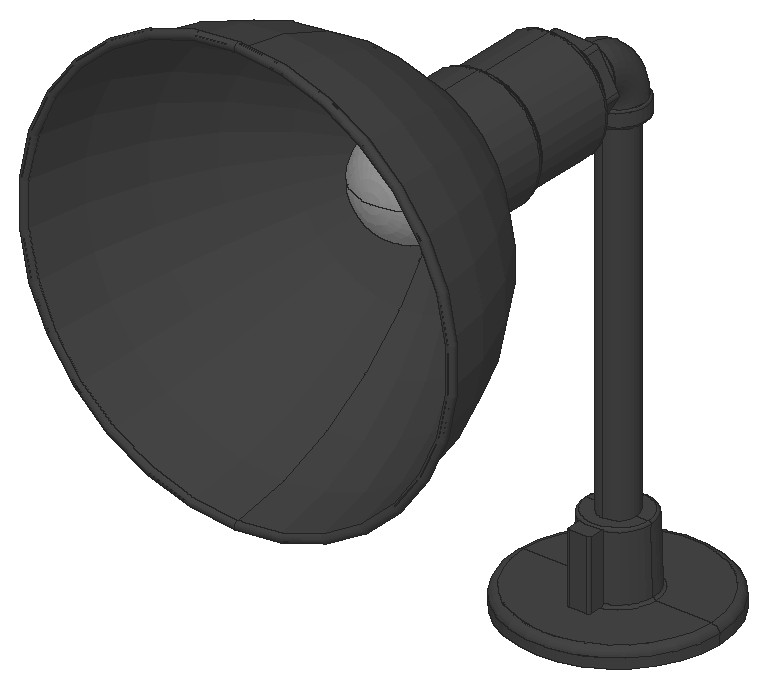
Revit family "BLE-G-DBW-G16-E26", category Lighting Fixtures, host Face, Revit 2022
Family settings
  Host = Face
  Round Connector Dimension = Use Diameter
  Part Type = Normal
  Cut with Voids When Loaded = No
  Light Source = Yes
  Maintain Annotation Orientation = No
  Shared = No
  Room Calculation Point = No
Parameters (values of type "10"")
  Wattage = 5.72229 W
  built-in parameter 1150110 = 1 (stored number, unit not read)
  built-in parameter 1114217 = 1 (stored number, unit not read)
  Tilt Angle = 0.00°
  built-in parameter 1150109 = 1 (stored number, unit not read)
  built-in parameter 1150134 = (empty or 0)
  built-in parameter 1150113 = 1 (stored number, unit not read)
  Gooseneck Material = 100 - Black
  Shade Material = 100 - Black
  Photometric Web File = "generic"
  built-in parameter 1150142 = (empty or 0)
  built-in parameter 1150105 = 67.641 (stored number, unit not read)
  Lumens = 850 lm
  built-in parameter 1150115 = 1 (stored number, unit not read)
  built-in parameter 1150137 = (empty or 0)
  built-in parameter 1150139 = (empty or 0)
  built-in parameter 1150112 = 1 (stored number, unit not read)
  built-in parameter 1150114 = 1 (stored number, unit not read)
  built-in parameter 1150132 = 2
  built-in parameter 1150102 = (empty or 0)
  built-in parameter 1150107 = 3000 (stored number, unit not read)
  built-in parameter 1150138 = (empty or 0)
  built-in parameter 1150106 = 0.67641 (stored number, unit not read)
  built-in parameter 1150104 = 13.8 (stored number, unit not read)
  20" = no
  Dimming Lamp Color Temperature Shift = <None>
  Default Elevation = 4' - 0"
  Color Filter = 16777215
  Base Material = 100 - Black
  built-in parameter 1114218 = 1 (stored number, unit not read)
  built-in parameter 1150133 = 10 (stored number, unit not read)
  16" = no
  14" = no
  12" = no
  10" = yes
Types (6): name | 20" | 16" | 14" | 12" | 10"
  (no name) | no | no | no | no | yes
  12" | no | no | no | yes | no
  14" | no | no | yes | no | no
  16" | no | yes | no | no | no
  10" | no | no | no | no | yes
  20" | yes | no | no | no | no
Reference planes (in)
  plane 1 "Center (Front/Back)": y = 0
  plane 2: z = 0
  plane 3 "Center (Left/Right)": x = 0
Lines and regions (in)
  reference lines
    curve 1: line (0, 32, 0) -> (0, -36, 0)
    curve 2: line (-33.11947, 0, 0) -> (37.88053, 0, 0)
Dimensions and locks (in)
  locked: plane 1 "Center (Front/Back)" to imposter light at 6.5
  aligned and locked: plane 2 to host face
  aligned and locked: level to host face
  aligned and locked: plane 3 "Center (Left/Right)" to nested 1
  aligned and locked: plane 1 "Center (Front/Back)" to nested 1
  aligned and locked: nested 4 to imposter light
  aligned and locked: imposter light to nested 6  (x2)
  aligned and locked: nested 7 to nested 3
  aligned and locked: imposter light to plane 3 "Center (Left/Right)"
  aligned and locked: plane 1 "Center (Front/Back)" to nested 2
  aligned and locked: imposter light to nested 3  (x2)
  aligned and locked: imposter light to nested 7
  aligned and locked: nested 5 to imposter light
  aligned and locked: imposter light to nested 5
Nested families (in)
  nested 1: "WBP-7501" at (0, 0, 0), type "WBP-7501"
  nested 2: "G16" at (0, 0, 1.975), type "GNK-5011"
  nested 3: "DBW Shade" at (0, -1.85818, 11.314) x (0, 0, -1) z (0, -1, 0), type "DBW Shade"
    with 24" no, 20" no, 16" no, 14" no, 12" no
  nested 4: "103264" at (0, -3.60156, 11.314) x (0, 0, -1) z (0, -1, 0), type "103264"
    with Heat Sink 9" no
  nested 5: "CPL-0004" at (0, -1.208, 11.314) x (1, 0, 0) z (0, -1, 0), type "CPL-0004"
  nested 6: "E26 Socket Assy" at (0, -1.89724, 11.314) x (0, 0, -1) z (0, -1, 0), type "E26 Socket Assy"
  nested 7: "E26 Bulb" at (0, -4.15223, 11.314) x (1, 0, 0) z (0, -1, 0), type "E26 Bulb"
Connectors (in)
  electrical at (0, 0, 0)
    settings: index 1, voltage 0 V, apparent load 0 VA, apparent load phase1 0 VA, apparent load phase2 0 VA, apparent load phase3 0 VA, power factor 1, load classification "Other", number of poles 1, system type 31, power factor state 1, is connector primary yes, connector utility no, sub classification motor no, connector description ""
Definition of nested family "WBP-7501"
  Parameters (values of type "WBP-7501")
    Default Elevation = 3' - 0"
    Base Material = none
  Reference planes (in)
    plane 1 "Center (Front/Back)": y = 0
    plane 2: z = 0
    plane 3 "Center (Left/Right)": x = 0
    plane 4 "Base Dia": x = -2.325
    plane 5 "Base Height": z = 0.4
    plane 6 "Fillet Radius": z = 0.225
    plane 7: z = 0.458
    plane 8: x = -0.87
    plane 9: x = -0.81
    plane 10: x = -0.76
    plane 11: z = 1.917
    plane 12: z = 1.975
    plane 13: x = -0.7
    plane 14: x = -0.2595
    plane 15: x = 0.2595
    plane 16: y = -1.135
  Forms (in)
    Extrusion 1, solid
      sketch origin (0, 0, 0) x (1, 0, 0) y (0, 1, 0)
        loop
          line (-48, 48) -> (-48, -48) -> (48, -48) -> (48, 48) -> (-48, 48)
      from 0 to -12
    Revolve 2, solid, material <- "Base Material"
      sketch origin (0, 0, 0) x (1, 0, 0) y (0, 0, 1)
        loop
          line (0, 0) -> (0, 1.975) -> (-0.7, 1.975)
          arc (-0.7, 1.975) -> (-0.74172, 1.95814) -> (-0.76, 1.91702) r 0.06003
          line (-0.76, 1.91702) -> (-0.81, 0.458)
          arc (-0.81, 0.458) -> (-0.82699, 0.41699) -> (-0.868, 0.4) r 0.058
          line (-0.868, 0.4) -> (-2.15, 0.4)
          arc (-2.15, 0.4) -> (-2.27374, 0.34874) -> (-2.325, 0.225) r 0.175
          line (-2.325, 0.225) -> (-2.325, 0) -> (0, 0)
        axis (0, 0) -> (0, 1.975)
      angle from 0 to 360
    Extrusion 3, solid, material <- "Base Material"
      sketch origin (0, 0, 0) x (1, 0, 0) y (0, 1, 0)
        loop
          line (-0.2595, -0.76731) -> (-0.2595, -1.075)
          arc (-0.2595, -1.075) -> (-0.24193, -1.11743) -> (-0.1995, -1.135) r 0.06
          line (-0.1995, -1.135) -> (0.1995, -1.135)
          arc (0.1995, -1.135) -> (0.24193, -1.11743) -> (0.2595, -1.075) r 0.06
          line (0.2595, -1.075) -> (0.2595, -0.76731)
          arc (0.2595, -0.76731) -> (0, -0.81) -> (-0.2595, -0.76731) r 0.81
      from 0 to 1.975
  Cuts and joins
    joined: Revolve 2, Extrusion 3
  Dimensions and locks (in)
    plane 4 "Base Dia" to plane 3 "Center (Left/Right)" = 0' - 2.325"
    locked: plane 5 "Base Height" to Extrusion 1 at 0.4
    locked: plane 3 "Center (Left/Right)" to plane 4 "Base Dia" at 2.325
    locked: plane 5 "Base Height" to plane 6 "Fillet Radius" at 0.175
    locked: plane 3 "Center (Left/Right)" to plane 9 at 0.81
    locked: plane 3 "Center (Left/Right)" to plane 8 at 0.87
    locked: plane 3 "Center (Left/Right)" to plane 10 at 0.76
    locked: plane 3 "Center (Left/Right)" to plane 13 at 0.7
    locked: plane 11 to plane 5 "Base Height" at 1.517
    locked: plane 12 to plane 5 "Base Height" at 1.575
    locked: plane 7 to plane 5 "Base Height" at 0.058
    locked: plane 14 to plane 3 "Center (Left/Right)" at 0.2595
    locked: plane 3 "Center (Left/Right)" to plane 15 at 0.2595
    locked: plane 16 to plane 1 "Center (Front/Back)" at 1.135
    radius of Revolve 2 sketch curve = 0' - 0.175"
    aligned and locked: plane 2 to Extrusion 1
    aligned and locked: level to Extrusion 1
    aligned and locked: Revolve 2 sketch curve to plane 5 "Base Height"
    aligned and locked: plane 9 to Revolve 2 sketch curve
    aligned and locked: plane 3 "Center (Left/Right)" to Revolve 2 sketch curve
    aligned and locked: plane 15 to Extrusion 3 sketch curve
    aligned and locked: Extrusion 3 sketch curve to plane 16
    aligned and locked: Extrusion 3 sketch curve to plane 14
  Automatic sketch dimensions
    Extrusion 1 sketch curve to Extrusion 1 sketch curve = 8' - 0"  (x2)
    Revolve 2 sketch curve to level = 0' - 0"
    Revolve 2 sketch curve to plane 4 "Base Dia" = 0' - 0"
    Revolve 2 sketch curve to plane 7 = 0' - 0"  (x2)
    plane 10 to Revolve 2 sketch curve = 0' - 0"
    Revolve 2 sketch curve to plane 12 = 0' - 0"
    Revolve 2 sketch curve to plane 13 = 0' - 0"
    Revolve 2 sketch curve to plane 3 "Center (Left/Right)" = 0' - 0"
    Revolve 2 sketch curve to Revolve 2 sketch curve = 0' - 0.22742"
    Revolve 2 sketch curve to Revolve 2 sketch curve = 0' - 1.76377"
    plane 1 "Center (Front/Back)" to Extrusion 3 sketch curve = 0' - 0"
    Extrusion 3 sketch curve to plane 3 "Center (Left/Right)" = 0' - 0"
    plane 14 to Extrusion 3 sketch curve = 0' - 0.06"
    Extrusion 3 sketch curve to plane 15 = 0' - 0.06"
    Extrusion 3 sketch curve to Extrusion 3 sketch curve = 0' - 0.30769"
Definition of nested family "G16"
  Parameters (values of type "G16")
    Gooseneck Material = none
    Default Elevation = 2' - 0"
  Reference planes (in)
    plane 1 "Center (Front/Back)": y = 0
    plane 2: z = 0
    plane 3 "Center (Left/Right)": x = 0
    plane 4 "Wood Height": z = 0
  Forms (in)
    Extrusion 1, solid
      sketch origin (0, 0, 0) x (1, 0, 0) y (0, 1, 0)
        loop
          line (-48, 48) -> (-48, -48) -> (48, -48) -> (48, 48) -> (-48, 48)
      from 0 to -12
  Dimensions and locks (in)
    aligned and locked: plane 2 to Extrusion 1
    aligned and locked: level to Extrusion 1
    aligned and locked: Extrusion 1 to plane 4 "Wood Height"
    aligned and locked: plane 3 "Center (Left/Right)" to nested 1
    aligned and locked: plane 1 "Center (Front/Back)" to nested 1
    aligned and locked: plane 3 "Center (Left/Right)" to nested 2
    aligned and locked: plane 1 "Center (Front/Back)" to nested 2
  Nested families (in)
    nested 1: "GNK-5016" at (0, 0, 0), type "GNK-5016"
    nested 2: "APF-500X" at (0, 0, 8.12624) x (-1, 0, 0) z (0, 0, 1), type "APF-500X"
  Definition of nested family "GNK-5016"
    Parameters (values of type "GNK-5016")
      Gooseneck Material = none
      Default Elevation = 2' - 0"
    Reference planes (in)
      plane 1 "Center (Front/Back)": y = 0
      plane 2: z = 0
      plane 3 "Center (Left/Right)": x = 0
      plane 4 "Wood Height": z = 0
    Forms (in)
      Extrusion 1, solid
        sketch origin (0, 0, 0) x (1, 0, 0) y (0, 1, 0)
          loop
            line (-48, 48) -> (-48, -48) -> (48, -48) -> (48, 48) -> (-48, 48)
        from 0 to -12
      Sweep 2, solid, material <- "Gooseneck Material"
        path origin (0, 0, 0) x (0, 1, 0) y (0, 0, 1)
          loop
            line (0, -0.0015) -> (0, 8.12624)
        profile origin (0, 0, 4.06237) x (0, -1, 0) y (1, 0, 0)
          loop
            circle (0, 0) r 0.42
    Dimensions and locks (in)
      aligned and locked: plane 2 to Extrusion 1
      aligned and locked: level to Extrusion 1
      aligned and locked: Extrusion 1 to plane 4 "Wood Height"
  Definition of nested family "APF-500X"
    Parameters (values of type "APF-500X")
      Gooseneck Material = none
      Default Elevation = 2' - 0"
    Reference planes (in)
      plane 1 "Center (Front/Back)": y = 0
      plane 2: z = 0
      plane 3 "Center (Left/Right)": x = 0
      plane 4: z = 0.375
      plane 5: y = 0.625
      plane 6: y = 0.833
      plane 7: y = 1.208
      plane 8: z = 1.208
      plane 9: z = 0.583
      plane 10: y = 0.5625
    Forms (in)
      Extrusion 1, solid
        sketch origin (0, 0, 0) x (1, 0, 0) y (0, 1, 0)
          loop
            line (-48, 48) -> (-48, -48) -> (48, -48) -> (48, 48) -> (-48, 48)
        from 0 to -12
      Revolve 2, solid, material <- "Gooseneck Material"
        sketch origin (0, 0, 0) x (0, 1, 0) y (0, 0, 1)
          loop
            line (0, 0.375) -> (0, 0) -> (0.585, 0)
            arc (0.585, 0) -> (0.61328, 0.01172) -> (0.625, 0.04) r 0.04
            line (0.625, 0.04) -> (0.625, 0.335)
            arc (0.625, 0.335) -> (0.61328, 0.36328) -> (0.585, 0.375) r 0.04
            line (0.585, 0.375) -> (0, 0.375)
          axis (0, 0.375) -> (0, 0)
        angle from 0 to 360
      Revolve 3, solid, material <- "Gooseneck Material"
        sketch origin (0, 0, 0) x (0, 1, 0) y (0, 0, 1)
          loop
            line (0.833, 1.208) -> (0.833, 0.623)
            arc (0.833, 0.623) -> (0.84472, 0.59472) -> (0.873, 0.583) r 0.04
            line (0.873, 0.583) -> (1.168, 0.583)
            arc (1.168, 0.583) -> (1.19628, 0.59472) -> (1.208, 0.623) r 0.04
            line (1.208, 0.623) -> (1.208, 1.208) -> (0.833, 1.208)
          axis (1.208, 1.208) -> (0.833, 1.208)
        angle from 0 to 360
      Sweep 4, solid, material <- "Gooseneck Material"
        path origin (0, 0, 0) x (0, 1, 0) y (0, 0, 1)
          loop
            line (0, 0) -> (0, 0.375)
            arc (0, 0.375) -> (0.24398, 0.96402) -> (0.833, 1.208) r 0.833
            line (0.833, 1.208) -> (1.208, 1.208)
        profile origin (0, 0, 0.1875) x (0, -1, 0) y (1, 0, 0)
          loop
            circle (0, 0) r 0.5625
    Cuts and joins
      joined: Revolve 2, Revolve 3, Sweep 4
    Dimensions and locks (in)
      plane 5 to plane 1 "Center (Front/Back)" = 0' - 0 5/8"
      plane 4 to Extrusion 1 = 0' - 0 3/8"
      locked: plane 7 to plane 6 at 0.375
      locked: plane 6 to plane 1 "Center (Front/Back)" at 0.833
      plane 8 to plane 4 = 0' - 0.833"
      locked: plane 8 to plane 9 at 0.625
      locked: plane 10 to plane 1 "Center (Front/Back)" at 0.5625
      radius of Revolve 3 sketch curve = 0' - 0.04"
      aligned and locked: plane 2 to Extrusion 1
      aligned and locked: level to Extrusion 1
      aligned and locked: plane 1 "Center (Front/Back)" to Revolve 2 sketch curve
      aligned and locked: plane 8 to Revolve 3 sketch curve
    Automatic sketch dimensions
      Extrusion 1 sketch curve to Extrusion 1 sketch curve = 8' - 0"  (x2)
      Revolve 2 sketch curve to plane 1 "Center (Front/Back)" = 0' - 0"
      Revolve 2 sketch curve to level = 0' - 0"
      Revolve 2 sketch curve to plane 4 = 0' - 0"
      Revolve 2 sketch curve to plane 5 = 0' - 0"
      plane 5 to Revolve 2 sketch curve = 0' - 0.04"
      Revolve 2 sketch curve to Revolve 2 sketch curve = 0' - 0.04"
      Revolve 2 sketch curve to level = 0' - 0.2686"
      plane 4 to Revolve 2 sketch curve = 0' - 0 1/4"
      Revolve 3 sketch curve to plane 5 = 0' - 0"
      Revolve 3 sketch curve to plane 6 = 0' - 0"
      Revolve 3 sketch curve to plane 9 = 0' - 0"
      Revolve 3 sketch curve to plane 7 = 0' - 0"
      Revolve 3 sketch curve to plane 8 = 0' - 0"
      plane 7 to Revolve 3 sketch curve = 0' - 0.04"
      Revolve 3 sketch curve to Revolve 3 sketch curve = 0' - 0.18003"
      Sweep 4 sketch curve to plane 6 = 0' - 0"
      Sweep 4 sketch curve to plane 7 = 0' - 0"
      Sweep 4 sketch curve to level = 0' - 0"
      Sweep 4 sketch curve to plane 4 = 0' - 0"
      Sweep 4 sketch curve to plane 8 = 0' - 0"
      Sweep 4 sketch curve to plane 3 "Center (Left/Right)" = 0' - 0"
      Sweep 4 sketch curve to profile plane = 0' - 0"
      radius of Sweep 4 sketch curve = 0' - 0 9/16"
Definition of nested family "DBW Shade"
  Parameters (values of type "DBW Shade")
    Shade Material = none
    Default Elevation = 2' - 0"
    24" = yes
    20" = yes
    10" = yes
    16" = yes
    14" = yes
    12" = yes
  Reference planes (in)
    plane 1 "Center (Front/Back)": y = 0
    plane 2: z = 0
    plane 3 "Center (Left/Right)": x = 0
  Forms (in)
    Extrusion 1, solid
      sketch origin (0, 0, 0) x (1, 0, 0) y (0, 1, 0)
        loop
          line (-48, 48) -> (-48, -48) -> (48, -48) -> (48, 48) -> (-48, 48)
      from 0 to -12
  Dimensions and locks (in)
    aligned and locked: plane 2 to Extrusion 1
    aligned and locked: level to Extrusion 1
    aligned and locked: plane 1 "Center (Front/Back)" to nested 1
    aligned and locked: plane 3 "Center (Left/Right)" to nested 1
    aligned and locked: plane 3 "Center (Left/Right)" to nested 2
    aligned and locked: plane 1 "Center (Front/Back)" to nested 2
    aligned and locked: plane 1 "Center (Front/Back)" to nested 3
    aligned and locked: plane 3 "Center (Left/Right)" to nested 3
    aligned and locked: plane 1 "Center (Front/Back)" to nested 4
    aligned and locked: plane 1 "Center (Front/Back)" to nested 5
    aligned and locked: plane 3 "Center (Left/Right)" to nested 5
    aligned and locked: plane 3 "Center (Left/Right)" to nested 6
    aligned and locked: plane 1 "Center (Front/Back)" to nested 6
    aligned and locked: plane 3 "Center (Left/Right)" to nested 4
  Nested families (in)
    nested 1: "SHD-0028" at (0, 0, 0), visible <- "10"", type "SHD-0028"
    nested 2: "SHD-0029" at (0, 0, 0), visible <- "12"", type "SHD-0029"
    nested 3: "SHD-0114" at (0, 0, 0), visible <- "14"", type "SHD-0114"
    nested 4: "SHD-0115" at (0, 0, 0), visible <- "16"", type "SHD-0115"
    nested 5: "SHD-0308" at (0, 0, 0), visible <- "24"", type "SHD-0308"
    nested 6: "SHD-0223" at (0, 0, 0), visible <- "20"", type "SHD-0223"
  Definition of nested family "SHD-0028"
    Parameters (values of type "SHD-0028")
      Shade Material = none
      Default Elevation = 2' - 0"
    Reference planes (in)
      plane 1 "Center (Front/Back)": y = 0
      plane 2: z = 0
      plane 3 "Center (Left/Right)": x = 0
      plane 4 "Wood Height": z = 0
      plane 5 "Nut Radius": x = -1.03713
      plane 6 "Nut Flat": x = -0.861
      plane 7 "Shade Thickness": z = 0.04
      plane 8 "Lower Shade bottom": z = 9.109
      plane 9 "Lower Shade Outer Dia": x = -5
      plane 10 "Shade Top Dia": x = -1.20713
      plane 11 "Shade Middle Radius Height1": z = 1.965
      plane 12 "Shade Lower Diameter1": x = -1.44113
      plane 13 "Shade Top Radius": x = -1.29713
      plane 14 "Shade Middle Radious Height2": z = 2.105
      plane 15 "Shade Middle Radius Diameter2": x = -1.41363
      plane 16 "Lip Height": z = 9.029
      plane 17 "Bowl Start": z = 3.545
      plane 18: x = -4.85
      plane 19: z = 9.069
    Forms (in)
      Extrusion 1, solid
        sketch origin (0, 0, 0) x (1, 0, 0) y (0, 1, 0)
          loop
            line (-48, 48) -> (-48, -48) -> (48, -48) -> (48, 48) -> (-48, 48)
        from 0 to -12
      Revolve 2, solid, material <- "Shade Material"
        sketch origin (0, 0, 0) x (1, 0, 0) y (0, 0, 1)
          loop
            line (0, 0) -> (0, 0.03906) -> (-1.20713, 0.03906)
            arc (-1.20713, 0.03906) -> (-1.24314, 0.05398) -> (-1.25806, 0.09) r 0.05094
            line (-1.25806, 0.09) -> (-1.25806, 1.94384)
            arc (-1.25806, 1.94384) -> (-1.26409, 1.97759) -> (-1.28141, 2.00717) r 0.09757
            line (-1.28141, 2.00717) -> (-1.37456, 2.11635) -> (-1.37456, 3.48096)
            arc (-1.37456, 3.48096) -> (-1.39014, 3.54099) -> (-1.43295, 3.58588) r 0.12347
            arc (-1.43295, 3.58588) -> (-3.7536, 5.90437) -> (-4.80544, 9.01154) r 7.20294
            arc (-4.80544, 9.01154) -> (-4.99326, 9.04214) -> (-4.84504, 8.9228) r 0.09841
            line (-4.84504, 8.9228) -> (-4.86619, 8.95581)
            arc (-4.86619, 8.95581) -> (-4.95809, 9.02506) -> (-4.84432, 9.00777) r 0.05934
            arc (-4.84432, 9.00777) -> (-3.78678, 5.88375) -> (-1.45354, 3.55268) r 7.242
            arc (-1.45354, 3.55268) -> (-1.42428, 3.522) -> (-1.41363, 3.48096) r 0.0844
            line (-1.41363, 3.48096) -> (-1.41363, 2.13147)
            arc (-1.41363, 2.13147) -> (-1.40868, 2.10377) -> (-1.39446, 2.07949) r 0.08009
            line (-1.39446, 2.07949) -> (-1.31112, 1.98181)
            arc (-1.31112, 1.98181) -> (-1.30074, 1.96408) -> (-1.29713, 1.94384) r 0.0585
            line (-1.29713, 1.94384) -> (-1.29713, 0.09)
            arc (-1.29713, 0.09) -> (-1.27077, 0.02636) -> (-1.20713, 0) r 0.09
            line (-1.20713, 0) -> (0, 0)
          axis (0, 9.01154) -> (0, 0)
        angle from 0 to 360
    Dimensions and locks (in)
      locked: plane 6 "Nut Flat" to plane 3 "Center (Left/Right)" at 0.861
      locked: plane 7 "Shade Thickness" to plane 4 "Wood Height" at 0.04
      locked: plane 3 "Center (Left/Right)" to plane 9 "Lower Shade Outer Dia" at 5
      locked: plane 11 "Shade Middle Radius Height1" to plane 4 "Wood Height" at 1.965
      locked: plane 14 "Shade Middle Radious Height2" to plane 4 "Wood Height" at 2.105
      locked: plane 8 "Lower Shade bottom" to plane 16 "Lip Height" at 0.08
      locked: plane 17 "Bowl Start" to plane 4 "Wood Height" at 3.545
      locked: plane 18 to plane 9 "Lower Shade Outer Dia" at 0.15
      locked: plane 8 "Lower Shade bottom" to plane 19 at 0.04
      locked: plane 8 "Lower Shade bottom" to plane 4 "Wood Height" at 9.109
      aligned and locked: plane 2 to Extrusion 1
      aligned and locked: level to Extrusion 1
      aligned and locked: plane 4 "Wood Height" to Revolve 2 sketch curve
      aligned and locked: plane 10 "Shade Top Dia" to Revolve 2 sketch curve
      aligned and locked: Revolve 2 sketch curve to plane 15 "Shade Middle Radius Diameter2"
      aligned and locked: Revolve 2 sketch curve to plane 13 "Shade Top Radius"
      aligned and locked: Extrusion 1 to plane 4 "Wood Height"
    Automatic sketch dimensions
      Extrusion 1 sketch curve to Extrusion 1 sketch curve = 8' - 0"  (x2)
      Revolve 2 sketch curve to Revolve 2 sketch curve = 0' - 0"  (x12)
      Revolve 2 sketch curve to plane 3 "Center (Left/Right)" = 0' - 0"  (x2)
      plane 18 to Revolve 2 sketch curve = 0' - 0.00496"
      Revolve 2 sketch curve to plane 18 = 0' - 0.01619"
      plane 15 "Shade Middle Radius Diameter2" to Revolve 2 sketch curve = 0' - 0.01916"
      plane 14 "Shade Middle Radious Height2" to Revolve 2 sketch curve = 0' - 0.01135"
      plane 15 "Shade Middle Radius Diameter2" to Revolve 2 sketch curve = 0' - 0 5/128"
      Revolve 2 sketch curve to plane 11 "Shade Middle Radius Height1" = 0' - 0.02116"
      plane 15 "Shade Middle Radius Diameter2" to Revolve 2 sketch curve = 0' - 0.058"
      plane 14 "Shade Middle Radious Height2" to Revolve 2 sketch curve = 0' - 0.02647"
      Revolve 2 sketch curve to plane 13 "Shade Top Radius" = 0' - 0.01572"
      Revolve 2 sketch curve to Revolve 2 sketch curve = 0' - 0 5/128"
      Revolve 2 sketch curve to plane 17 "Bowl Start" = 0' - 0.06404"
      plane 18 to Revolve 2 sketch curve = 0' - 0.00568"
      plane 17 "Bowl Start" to Revolve 2 sketch curve = 0' - 0.15101"
      Revolve 2 sketch curve to Revolve 2 sketch curve = 0' - 2.15863"
      Revolve 2 sketch curve to plane 12 "Shade Lower Diameter1" = 0' - 0.00818"
      Revolve 2 sketch curve to Revolve 2 sketch curve = 0' - 0.03888"  (x2)
      Revolve 2 sketch curve to Revolve 2 sketch curve = 0' - 0.03301"
      Revolve 2 sketch curve to Revolve 2 sketch curve = 0' - 0.02059"
      Revolve 2 sketch curve to Revolve 2 sketch curve = 0' - 0.03319"
  Definition of nested family "SHD-0029"
    Parameters (values of type "SHD-0029")
      Shade Material = none
      Default Elevation = 2' - 0"
    Reference planes (in)
      plane 1 "Center (Front/Back)": y = 0
      plane 2: z = 0
      plane 3 "Center (Left/Right)": x = 0
      plane 4 "Wood Height": z = 0
      plane 5 "Nut Radius": x = -1.03713
      plane 6 "Nut Flat": x = -0.861
      plane 7 "Shade Thickness": z = 0.04
      plane 8 "Shade Top Dia": x = -1.20713
      plane 9 "Shade Middle Radius Height1": z = 1.965
      plane 10 "Shade Lower Diameter1": x = -1.44113
      plane 11 "Shade Top Radius": x = -1.29713
      plane 12 "Shade Middle Radious Height2": z = 2.105
      plane 13 "Shade Middle Radius Diameter2": x = -1.41363
      plane 14 "Bowl Start": z = 3.545
    Forms (in)
      Extrusion 1, solid
        sketch origin (0, 0, 0) x (1, 0, 0) y (0, 1, 0)
          loop
            line (-48, 48) -> (-48, -48) -> (48, -48) -> (48, 48) -> (-48, 48)
        from 0 to -12
      Revolve 2, solid, material <- "Shade Material"
        sketch origin (0, 0, 0) x (1, 0, 0) y (0, 0, 1)
          loop
            line (0, 0) -> (0, 0.03906) -> (-1.20713, 0.03906)
            arc (-1.20713, 0.03906) -> (-1.24314, 0.05398) -> (-1.25806, 0.09) r 0.05094
            line (-1.25806, 0.09) -> (-1.25806, 1.94384)
            arc (-1.25806, 1.94384) -> (-1.26409, 1.97759) -> (-1.28141, 2.00717) r 0.09757
            line (-1.28141, 2.00717) -> (-1.37456, 2.11635) -> (-1.37456, 3.49488)
            arc (-1.37456, 3.49488) -> (-1.3856, 3.54027) -> (-1.41623, 3.57553) r 0.09889
            arc (-1.41623, 3.57553) -> (-4.2546, 6.22323) -> (-5.80711, 9.7808) r 9.56481
            arc (-5.80711, 9.7808) -> (-5.99536, 9.79563) -> (-5.84506, 9.68132) r 0.09841
            line (-5.84506, 9.68132) -> (-5.86621, 9.71432)
            arc (-5.86621, 9.71432) -> (-5.9593, 9.78052) -> (-5.84534, 9.77276) r 0.05934
            arc (-5.84534, 9.77276) -> (-4.28694, 6.2013) -> (-1.43786, 3.54296) r 9.60387
            arc (-1.43786, 3.54296) -> (-1.42003, 3.5218) -> (-1.41363, 3.49488) r 0.05982
            line (-1.41363, 3.49488) -> (-1.41363, 2.13147)
            arc (-1.41363, 2.13147) -> (-1.40868, 2.10377) -> (-1.39446, 2.07949) r 0.08009
            line (-1.39446, 2.07949) -> (-1.31112, 1.98181)
            arc (-1.31112, 1.98181) -> (-1.30074, 1.96408) -> (-1.29713, 1.94384) r 0.0585
            line (-1.29713, 1.94384) -> (-1.29713, 0.09)
            arc (-1.29713, 0.09) -> (-1.27077, 0.02636) -> (-1.20713, 0) r 0.09
            line (-1.20713, 0) -> (0, 0)
          axis (0, 9.7808) -> (0, 0)
        angle from 0 to 360
    Dimensions and locks (in)
      locked: plane 6 "Nut Flat" to plane 3 "Center (Left/Right)" at 0.861
      locked: plane 7 "Shade Thickness" to plane 4 "Wood Height" at 0.04
      locked: plane 9 "Shade Middle Radius Height1" to plane 4 "Wood Height" at 1.965
      locked: plane 12 "Shade Middle Radious Height2" to plane 4 "Wood Height" at 2.105
      locked: plane 14 "Bowl Start" to plane 4 "Wood Height" at 3.545
      aligned and locked: plane 2 to Extrusion 1
      aligned and locked: level to Extrusion 1
      aligned and locked: plane 4 "Wood Height" to Revolve 2 sketch curve
      aligned and locked: plane 8 "Shade Top Dia" to Revolve 2 sketch curve
      aligned and locked: Revolve 2 sketch curve to plane 13 "Shade Middle Radius Diameter2"
      aligned and locked: Revolve 2 sketch curve to plane 11 "Shade Top Radius"
      aligned and locked: Extrusion 1 to plane 4 "Wood Height"
    Automatic sketch dimensions
      Extrusion 1 sketch curve to Extrusion 1 sketch curve = 8' - 0"  (x2)
      Revolve 2 sketch curve to Revolve 2 sketch curve = 0' - 0"  (x15)
      Revolve 2 sketch curve to plane 3 "Center (Left/Right)" = 0' - 0"  (x2)
      plane 10 "Shade Lower Diameter1" to Revolve 2 sketch curve = 0' - 0.03232"
      Revolve 2 sketch curve to Revolve 2 sketch curve = 0' - 0.02115"
      Revolve 2 sketch curve to Revolve 2 sketch curve = 0' - 0.0372"
      plane 13 "Shade Middle Radius Diameter2" to Revolve 2 sketch curve = 0' - 0.01916"
      plane 12 "Shade Middle Radious Height2" to Revolve 2 sketch curve = 0' - 0.01135"
      plane 13 "Shade Middle Radius Diameter2" to Revolve 2 sketch curve = 0' - 0 5/128"
      Revolve 2 sketch curve to plane 9 "Shade Middle Radius Height1" = 0' - 0.02116"
      plane 13 "Shade Middle Radius Diameter2" to Revolve 2 sketch curve = 0' - 0.058"
      plane 12 "Shade Middle Radious Height2" to Revolve 2 sketch curve = 0' - 0.02647"
      Revolve 2 sketch curve to plane 11 "Shade Top Radius" = 0' - 0.01572"
      Revolve 2 sketch curve to Revolve 2 sketch curve = 0' - 0 5/128"
      Revolve 2 sketch curve to plane 14 "Bowl Start" = 0' - 0.05012"
      Revolve 2 sketch curve to Revolve 2 sketch curve = 0' - 0.03301"
      Revolve 2 sketch curve to Revolve 2 sketch curve = 0' - 0.04623"
      Revolve 2 sketch curve to plane 13 "Shade Middle Radius Diameter2" = 0' - 0.00261"
      Revolve 2 sketch curve to plane 14 "Bowl Start" = 0' - 0.00204"
      plane 14 "Bowl Start" to Revolve 2 sketch curve = 0' - 0.15101"
      Revolve 2 sketch curve to Revolve 2 sketch curve = 0' - 2.15863"
      plane 10 "Shade Lower Diameter1" to Revolve 2 sketch curve = 0' - 4.40394"
      plane 3 "Center (Left/Right)" to Revolve 2 sketch curve = 0' - 3.5532"
      plane 14 "Bowl Start" to Revolve 2 sketch curve = 0' - 6.13632"
  Definition of nested family "SHD-0114"
    Parameters (values of type "SHD-0114")
      Shade Material = none
      Default Elevation = 2' - 0"
    Reference planes (in)
      plane 1 "Center (Front/Back)": y = 0
      plane 2: z = 0
      plane 3 "Center (Left/Right)": x = 0
      plane 4 "Wood Height": z = 0
    Forms (in)
      Extrusion 1, solid
        sketch origin (0, 0, 0) x (1, 0, 0) y (0, 1, 0)
          loop
            line (-48, 48) -> (-48, -48) -> (48, -48) -> (48, 48) -> (-48, 48)
        from 0 to -12
      Revolve 2, solid, material <- "Shade Material"
        sketch origin (0, 0, 0) x (1, 0, 0) y (0, 0, 1)
          loop
            line (0, 0) -> (0, 0.03906) -> (-1.45545, 0.03906)
            arc (-1.45545, 0.03906) -> (-1.49164, 0.05405) -> (-1.50663, 0.09025) r 0.05119
            line (-1.50663, 0.09025) -> (-1.50663, 2.07228)
            arc (-1.50663, 2.07228) -> (-1.51325, 2.1034) -> (-1.53194, 2.12913) r 0.0765
            line (-1.53194, 2.12913) -> (-1.59895, 2.18946)
            arc (-1.59895, 2.18946) -> (-1.61737, 2.21483) -> (-1.62389, 2.24549) r 0.07539
            line (-1.62389, 2.24549) -> (-1.62389, 3.76049)
            arc (-1.62389, 3.76049) -> (-1.63985, 3.81863) -> (-1.68326, 3.86047) r 0.11386
            arc (-1.68326, 3.86047) -> (-5.12462, 6.95788) -> (-6.79993, 11.27416) r 9.99002
            arc (-6.79993, 11.27416) -> (-6.99505, 11.29998) -> (-6.84047, 11.17815) r 0.10205
            line (-6.84047, 11.17815) -> (-6.86365, 11.20959)
            arc (-6.86365, 11.20959) -> (-6.95906, 11.28479) -> (-6.83863, 11.26885) r 0.06299
            arc (-6.83863, 11.26885) -> (-5.15677, 6.93569) -> (-1.70196, 3.82617) r 10.02909
            arc (-1.70196, 3.82617) -> (-1.67344, 3.79868) -> (-1.66295, 3.76049) r 0.07479
            line (-1.66295, 3.76049) -> (-1.66295, 2.24549)
            arc (-1.66295, 2.24549) -> (-1.65306, 2.19894) -> (-1.62508, 2.16043) r 0.11445
            line (-1.62508, 2.16043) -> (-1.55808, 2.1001)
            arc (-1.55808, 2.1001) -> (-1.54893, 2.08751) -> (-1.54569, 2.07228) r 0.03743
            line (-1.54569, 2.07228) -> (-1.54569, 0.09025)
            arc (-1.54569, 0.09025) -> (-1.51926, 0.02643) -> (-1.45545, 0) r 0.09025
            line (-1.45545, 0) -> (0, 0)
          axis (0, 11.27416) -> (0, 0)
        angle from 0 to 360
    Dimensions and locks (in)
      aligned and locked: plane 2 to Extrusion 1
      aligned and locked: level to Extrusion 1
      aligned and locked: Extrusion 1 to plane 4 "Wood Height"
    Automatic sketch dimensions
      Extrusion 1 sketch curve to Extrusion 1 sketch curve = 8' - 0"  (x2)
      Revolve 2 sketch curve to Revolve 2 sketch curve = 0' - 0"  (x25)
      Revolve 2 sketch curve to level = 0' - 0"
      Revolve 2 sketch curve to plane 3 "Center (Left/Right)" = 0' - 0"  (x2)
      Revolve 2 sketch curve to Revolve 2 sketch curve = 0' - 0.01239"
      Revolve 2 sketch curve to Revolve 2 sketch curve = 0' - 0.07479"
      Revolve 2 sketch curve to Revolve 2 sketch curve = 0' - 0.02318"
      Revolve 2 sketch curve to Revolve 2 sketch curve = 0' - 0.03738"
      Revolve 2 sketch curve to Revolve 2 sketch curve = 0' - 0.03144"
      Revolve 2 sketch curve to Revolve 2 sketch curve = 0' - 0.0507"
      Revolve 2 sketch curve to Revolve 2 sketch curve = 0' - 0.01869"  (x2)
      Revolve 2 sketch curve to Revolve 2 sketch curve = 0' - 2.15863"
      plane 3 "Center (Left/Right)" to Revolve 2 sketch curve = 0' - 3.09734"
      Revolve 2 sketch curve to Revolve 2 sketch curve = 0' - 0.02614"
      Revolve 2 sketch curve to Revolve 2 sketch curve = 0' - 0 5/128"  (x2)
      Revolve 2 sketch curve to Revolve 2 sketch curve = 0' - 1.45545"
      Revolve 2 sketch curve to Revolve 2 sketch curve = 0' - 0.05119"
      Revolve 2 sketch curve to Revolve 2 sketch curve = 0' - 0.02531"
      Revolve 2 sketch curve to Revolve 2 sketch curve = 0' - 0.01656"
      Revolve 2 sketch curve to Revolve 2 sketch curve = 0' - 0.02505"
      Revolve 2 sketch curve to Revolve 2 sketch curve = 0' - 0.05045"
      Revolve 2 sketch curve to plane 3 "Center (Left/Right)" = 0' - 6.84047"
      Revolve 2 sketch curve to Revolve 2 sketch curve = 0' - 1.98204"
      Revolve 2 sketch curve to Revolve 2 sketch curve = 0' - 1.515"
      Revolve 2 sketch curve to Revolve 2 sketch curve = 0' - 7.41765"
      Revolve 2 sketch curve to Revolve 2 sketch curve = 0' - 0.06448"
  Definition of nested family "SHD-0115"
    Parameters (values of type "SHD-0115")
      Shade Material = none
      Default Elevation = 2' - 0"
    Reference planes (in)
      plane 1 "Center (Front/Back)": y = 0
      plane 2: z = 0
      plane 3 "Center (Left/Right)": x = 0
      plane 4 "Wood Height": z = 0
    Forms (in)
      Extrusion 1, solid
        sketch origin (0, 0, 0) x (1, 0, 0) y (0, 1, 0)
          loop
            line (-48, 48) -> (-48, -48) -> (48, -48) -> (48, 48) -> (-48, 48)
        from 0 to -12
      Revolve 2, solid, material <- "Shade Material"
        sketch origin (0, 0, 0) x (1, 0, 0) y (0, 0, 1)
          loop
            line (0, 0) -> (0, 0.03906) -> (-1.45545, 0.03906)
            arc (-1.45545, 0.03906) -> (-1.49164, 0.05405) -> (-1.50663, 0.09025) r 0.05119
            line (-1.50663, 0.09025) -> (-1.50663, 2.07228)
            arc (-1.50663, 2.07228) -> (-1.51325, 2.1034) -> (-1.53194, 2.12913) r 0.0765
            line (-1.53194, 2.12913) -> (-1.59895, 2.18946)
            arc (-1.59895, 2.18946) -> (-1.61737, 2.21483) -> (-1.62389, 2.24549) r 0.07539
            line (-1.62389, 2.24549) -> (-1.62389, 3.76049)
            arc (-1.62389, 3.76049) -> (-1.64115, 3.82076) -> (-1.6877, 3.86276) r 0.11386
            arc (-1.6877, 3.86276) -> (-5.9143, 7.51176) -> (-7.79992, 12.76759) r 10.98102
            arc (-7.79992, 12.76759) -> (-7.99459, 12.80067) -> (-7.84102, 12.67655) r 0.10205
            line (-7.84102, 12.67655) -> (-7.8642, 12.70799)
            arc (-7.8642, 12.70799) -> (-7.95899, 12.7846) -> (-7.83883, 12.76418) r 0.06299
            arc (-7.83883, 12.76418) -> (-5.94651, 7.48965) -> (-1.70487, 3.82767) r 11.02008
            arc (-1.70487, 3.82767) -> (-1.67429, 3.80009) -> (-1.66295, 3.76049) r 0.07479
            line (-1.66295, 3.76049) -> (-1.66295, 2.24549)
            arc (-1.66295, 2.24549) -> (-1.65306, 2.19894) -> (-1.62508, 2.16043) r 0.11445
            line (-1.62508, 2.16043) -> (-1.55808, 2.1001)
            arc (-1.55808, 2.1001) -> (-1.54893, 2.08751) -> (-1.54569, 2.07228) r 0.03743
            line (-1.54569, 2.07228) -> (-1.54569, 0.09025)
            arc (-1.54569, 0.09025) -> (-1.51926, 0.02643) -> (-1.45545, 0) r 0.09025
            line (-1.45545, 0) -> (0, 0)
          axis (0, 12.76759) -> (0, 0)
        angle from 0 to 360
    Dimensions and locks (in)
      aligned and locked: plane 2 to Extrusion 1
      aligned and locked: level to Extrusion 1
      aligned and locked: Extrusion 1 to plane 4 "Wood Height"
    Automatic sketch dimensions
      Extrusion 1 sketch curve to Extrusion 1 sketch curve = 8' - 0"  (x2)
      Revolve 2 sketch curve to Revolve 2 sketch curve = 0' - 0"  (x16)
      Revolve 2 sketch curve to level = 0' - 0"
      Revolve 2 sketch curve to plane 3 "Center (Left/Right)" = 0' - 0"  (x2)
      Revolve 2 sketch curve to Revolve 2 sketch curve = 0' - 1.45545"
      Revolve 2 sketch curve to plane 3 "Center (Left/Right)" = 0' - 1.50663"
      Revolve 2 sketch curve to Revolve 2 sketch curve = 0' - 0.02531"
      Revolve 2 sketch curve to Revolve 2 sketch curve = 0' - 0 5/128"
      Revolve 2 sketch curve to Revolve 2 sketch curve = 0' - 0.01656"
      Revolve 2 sketch curve to Revolve 2 sketch curve = 0' - 0.01239"
      Revolve 2 sketch curve to Revolve 2 sketch curve = 0' - 0.02505"
      Revolve 2 sketch curve to Revolve 2 sketch curve = 0' - 0.05045"
      Revolve 2 sketch curve to Revolve 2 sketch curve = 0' - 0.02494"
      Revolve 2 sketch curve to Revolve 2 sketch curve = 0' - 0.02614"
      Revolve 2 sketch curve to Revolve 2 sketch curve = 0' - 0.07479"
      Revolve 2 sketch curve to Revolve 2 sketch curve = 0' - 0.02318"
      Revolve 2 sketch curve to Revolve 2 sketch curve = 0' - 0.03738"
      plane 3 "Center (Left/Right)" to Revolve 2 sketch curve = 0' - 3.13919"
      Revolve 2 sketch curve to Revolve 2 sketch curve = 0' - 1.98204"
      Revolve 2 sketch curve to Revolve 2 sketch curve = 0' - 1.515"
      Revolve 2 sketch curve to Revolve 2 sketch curve = 0' - 0.03144"
      Revolve 2 sketch curve to Revolve 2 sketch curve = 0' - 0.0507"
      Revolve 2 sketch curve to Revolve 2 sketch curve = 0' - 1.04947"
      Revolve 2 sketch curve to Revolve 2 sketch curve = 0' - 0.03891"
      Revolve 2 sketch curve to Revolve 2 sketch curve = 0' - 0.06448"
      Revolve 2 sketch curve to Revolve 2 sketch curve = 0' - 2.15863"
  Definition of nested family "SHD-0308"
    Parameters (values of type "SHD-0308")
      Shade Material = none
      Default Elevation = 2' - 0"
    Reference planes (in)
      plane 1 "Center (Front/Back)": y = 0
      plane 2: z = 0
      plane 3 "Center (Left/Right)": x = 0
      plane 4 "Wood Height": z = 0
    Forms (in)
      Extrusion 1, solid
        sketch origin (0, 0, 0) x (1, 0, 0) y (0, 1, 0)
          loop
            line (-48, 48) -> (-48, -48) -> (48, -48) -> (48, 48) -> (-48, 48)
        from 0 to -12
      Revolve 2, solid, material <- "Shade Material"
        sketch origin (0, 0, 0) x (1, 0, 0) y (0, 0, 1)
          loop
            line (0, 0) -> (0, 0.03906) -> (-2.22237, 0.03906)
            arc (-2.22237, 0.03906) -> (-2.2742, 0.06053) -> (-2.29567, 0.11236) r 0.0733
            line (-2.29567, 0.11236) -> (-2.29567, 3.09806)
            arc (-2.29567, 3.09806) -> (-2.30835, 3.16758) -> (-2.34475, 3.22814) r 0.19691
            line (-2.34475, 3.22814) -> (-2.42725, 3.32189)
            arc (-2.42725, 3.32189) -> (-2.46224, 3.38009) -> (-2.47442, 3.4469) r 0.18923
            line (-2.47442, 3.4469) -> (-2.47442, 5.72055)
            arc (-2.47442, 5.72055) -> (-2.4994, 5.80773) -> (-2.56677, 5.86845) r 0.16462
            arc (-2.56677, 5.86845) -> (-9.0535, 11.47959) -> (-11.91654, 19.56448) r 16.76616
            arc (-11.91654, 19.56448) -> (-11.93143, 19.59499) -> (-11.96306, 19.60734) r 0.04667
            line (-11.96306, 19.60734) -> (-12.00319, 19.60734)
            arc (-12.00319, 19.60734) -> (-12.07667, 19.53386) -> (-12.00319, 19.46037) r 0.07348
            line (-12.00319, 19.46037) -> (-11.96309, 19.46037) -> (-11.96309, 19.49944) -> (-12.00319, 19.49944)
            arc (-12.00319, 19.49944) -> (-12.03761, 19.53386) -> (-12.00319, 19.56828) r 0.03442
            line (-12.00319, 19.56828) -> (-11.95604, 19.56828)
            arc (-11.95604, 19.56828) -> (-9.08774, 11.46046) -> (-2.58392, 5.83336) r 16.80523
            arc (-2.58392, 5.83336) -> (-2.53254, 5.78704) -> (-2.51348, 5.72055) r 0.12556
            line (-2.51348, 5.72055) -> (-2.51348, 3.4469)
            arc (-2.51348, 3.4469) -> (-2.49878, 3.3663) -> (-2.45658, 3.29609) r 0.22829
            line (-2.45658, 3.29609) -> (-2.37408, 3.20234)
            arc (-2.37408, 3.20234) -> (-2.34489, 3.15379) -> (-2.33473, 3.09806) r 0.15785
            line (-2.33473, 3.09806) -> (-2.33473, 0.11236)
            arc (-2.33473, 0.11236) -> (-2.30182, 0.03291) -> (-2.22237, 0) r 0.11236
            line (-2.22237, 0) -> (0, 0)
          axis (0, 19.60734) -> (0, 0)
        angle from 0 to 360
    Dimensions and locks (in)
      aligned and locked: plane 2 to Extrusion 1
      aligned and locked: level to Extrusion 1
      aligned and locked: Extrusion 1 to plane 4 "Wood Height"
    Automatic sketch dimensions
      Extrusion 1 sketch curve to Extrusion 1 sketch curve = 8' - 0"  (x2)
      Revolve 2 sketch curve to Revolve 2 sketch curve = 0' - 0"  (x24)
      Revolve 2 sketch curve to level = 0' - 0"
      Revolve 2 sketch curve to plane 3 "Center (Left/Right)" = 0' - 0"  (x2)
      Revolve 2 sketch curve to Revolve 2 sketch curve = 0' - 0.01047"
      Revolve 2 sketch curve to Revolve 2 sketch curve = 0' - 0.01002"
      Revolve 2 sketch curve to Revolve 2 sketch curve = 0' - 0.02933"  (x2)
      Revolve 2 sketch curve to Revolve 2 sketch curve = 0' - 0.04717"
      Revolve 2 sketch curve to Revolve 2 sketch curve = 0' - 0.12556"
      Revolve 2 sketch curve to Revolve 2 sketch curve = 0' - 0.00701"
      Revolve 2 sketch curve to Revolve 2 sketch curve = 0' - 0.00004"
      Revolve 2 sketch curve to Revolve 2 sketch curve = 0' - 0.04013"
      plane 3 "Center (Left/Right)" to Revolve 2 sketch curve = 0' - 4.79372"
      Revolve 2 sketch curve to Revolve 2 sketch curve = 0' - 0 5/128"  (x2)
      Revolve 2 sketch curve to Revolve 2 sketch curve = 0' - 2.9857"
      Revolve 2 sketch curve to Revolve 2 sketch curve = 0' - 2.27365"
      Revolve 2 sketch curve to Revolve 2 sketch curve = 0' - 0.03442"
      Revolve 2 sketch curve to Revolve 2 sketch curve = 0' - 0.00761"
      Revolve 2 sketch curve to Revolve 2 sketch curve = 0' - 0.24911"
      Revolve 2 sketch curve to Revolve 2 sketch curve = 0' - 2.15863"
      Revolve 2 sketch curve to Revolve 2 sketch curve = 0' - 2.22237"
      Revolve 2 sketch curve to plane 3 "Center (Left/Right)" = 0' - 2.28519"
      Revolve 2 sketch curve to plane 3 "Center (Left/Right)" = 0' - 11.95604"
      Revolve 2 sketch curve to Revolve 2 sketch curve = 1' - 1.73983"
      Revolve 2 sketch curve to Revolve 2 sketch curve = 1' - 3.07792"
  Definition of nested family "SHD-0223"
    Parameters (values of type "SHD-0223")
      Shade Material = none
      Default Elevation = 2' - 0"
    Reference planes (in)
      plane 1 "Center (Front/Back)": y = 0
      plane 2: z = 0
      plane 3 "Center (Left/Right)": x = 0
      plane 4 "Wood Height": z = 0
    Forms (in)
      Extrusion 1, solid
        sketch origin (0, 0, 0) x (1, 0, 0) y (0, 1, 0)
          loop
            line (-48, 48) -> (-48, -48) -> (48, -48) -> (48, 48) -> (-48, 48)
        from 0 to -12
      Revolve 2, solid, material <- "Shade Material"
        sketch origin (0, 0, 0) x (1, 0, 0) y (0, 0, 1)
          loop
            line (0, 0) -> (0, 0.03906) -> (-1.8485, 0.03906)
            arc (-1.8485, 0.03906) -> (-1.88896, 0.05582) -> (-1.90572, 0.09628) r 0.05722
            line (-1.90572, 0.09628) -> (-1.90572, 2.57881)
            arc (-1.90572, 2.57881) -> (-1.9168, 2.64011) -> (-1.94865, 2.69364) r 0.17504
            line (-1.94865, 2.69364) -> (-2.01787, 2.77327)
            arc (-2.01787, 2.77327) -> (-2.04498, 2.81883) -> (-2.05441, 2.871) r 0.14898
            line (-2.05441, 2.871) -> (-2.05441, 4.7663)
            arc (-2.05441, 4.7663) -> (-2.07634, 4.84285) -> (-2.13548, 4.89618) r 0.14458
            arc (-2.13548, 4.89618) -> (-7.53748, 9.56968) -> (-9.92412, 16.30223) r 13.97395
            arc (-9.92412, 16.30223) -> (-9.93712, 16.32887) -> (-9.96474, 16.33964) r 0.04076
            line (-9.96474, 16.33964) -> (-10.00281, 16.33964)
            arc (-10.00281, 16.33964) -> (-10.06432, 16.27814) -> (-10.00281, 16.21663) r 0.06151
            line (-10.00281, 16.21663) -> (-9.96563, 16.21663) -> (-9.96563, 16.25569) -> (-10.00281, 16.25569)
            arc (-10.00281, 16.25569) -> (-10.02526, 16.27814) -> (-10.00281, 16.30058) r 0.02244
            line (-10.00281, 16.30058) -> (-9.96317, 16.30058)
            arc (-9.96317, 16.30058) -> (-7.57018, 9.5483) -> (-2.15264, 4.86109) r 14.01301
            arc (-2.15264, 4.86109) -> (-2.10948, 4.82217) -> (-2.09348, 4.7663) r 0.10551
            line (-2.09348, 4.7663) -> (-2.09348, 2.871)
            arc (-2.09348, 2.871) -> (-2.08157, 2.80515) -> (-2.04735, 2.74764) r 0.18804
            line (-2.04735, 2.74764) -> (-1.97814, 2.66801)
            arc (-1.97814, 2.66801) -> (-1.95339, 2.62643) -> (-1.94478, 2.57881) r 0.13598
            line (-1.94478, 2.57881) -> (-1.94478, 0.09628)
            arc (-1.94478, 0.09628) -> (-1.91658, 0.0282) -> (-1.8485, 0) r 0.09628
            line (-1.8485, 0) -> (0, 0)
          axis (0, 16.33964) -> (0, 0)
        angle from 0 to 360
    Dimensions and locks (in)
      aligned and locked: plane 2 to Extrusion 1
      aligned and locked: level to Extrusion 1
      aligned and locked: Extrusion 1 to plane 4 "Wood Height"
    Automatic sketch dimensions
      Extrusion 1 sketch curve to Extrusion 1 sketch curve = 8' - 0"  (x2)
      Revolve 2 sketch curve to Revolve 2 sketch curve = 0' - 0"  (x24)
      Revolve 2 sketch curve to level = 0' - 0"
      Revolve 2 sketch curve to plane 3 "Center (Left/Right)" = 0' - 0"  (x2)
      Revolve 2 sketch curve to Revolve 2 sketch curve = 0' - 0.05722"
      Revolve 2 sketch curve to Revolve 2 sketch curve = 0' - 0.00387"
      Revolve 2 sketch curve to Revolve 2 sketch curve = 0' - 0.02948"  (x2)
      Revolve 2 sketch curve to Revolve 2 sketch curve = 0' - 0.06922"
      Revolve 2 sketch curve to Revolve 2 sketch curve = 0' - 0.10551"
      Revolve 2 sketch curve to Revolve 2 sketch curve = 0' - 0.00156"
      Revolve 2 sketch curve to Revolve 2 sketch curve = 0' - 0.0009"
      Revolve 2 sketch curve to Revolve 2 sketch curve = 0' - 0.03807"
      plane 3 "Center (Left/Right)" to Revolve 2 sketch curve = 0' - 4.00263"
      Revolve 2 sketch curve to Revolve 2 sketch curve = 0' - 0 5/128"  (x2)
      Revolve 2 sketch curve to Revolve 2 sketch curve = 0' - 0.02244"
      Revolve 2 sketch curve to Revolve 2 sketch curve = 0' - 0.0017"
      Revolve 2 sketch curve to Revolve 2 sketch curve = 0' - 2.15863"
      Revolve 2 sketch curve to Revolve 2 sketch curve = 0' - 11.59521"
      Revolve 2 sketch curve to Revolve 2 sketch curve = 0' - 1.8485"
      Revolve 2 sketch curve to Revolve 2 sketch curve = 0' - 0.00028"
      Revolve 2 sketch curve to plane 3 "Center (Left/Right)" = 0' - 9.96317"
      Revolve 2 sketch curve to Revolve 2 sketch curve = 0' - 2.48252"
      Revolve 2 sketch curve to Revolve 2 sketch curve = 0' - 1.89529"
      Revolve 2 sketch curve to Revolve 2 sketch curve = 0' - 11.45033"
      Revolve 2 sketch curve to Revolve 2 sketch curve = 0' - 1.11021"
Definition of nested family "CPL-0004"
  Parameters (values of type "CPL-0004")
    Coupler Material = none
    Default Elevation = 2' - 0"
  Reference planes (in)
    plane 1 "Center (Front/Back)": y = 0
    plane 2: z = 0
    plane 3 "Center (Left/Right)": x = 0
    plane 4 "Wood Height": z = 0
    plane 5: y = 0.875
    plane 6: z = 0.4
  Forms (in)
    Extrusion 1, solid
      sketch origin (0, 0, 0) x (1, 0, 0) y (0, 1, 0)
        loop
          line (-48, 48) -> (-48, -48) -> (48, -48) -> (48, 48) -> (-48, 48)
      from 0 to -12
    Extrusion 2, solid, material <- "Coupler Material"
      sketch origin (0, 0, 0) x (1, 0, 0) y (0, 1, 0)
        loop
          line (-0.54127, 0.8125) -> (-0.97428, 0.0625)
          arc (-0.97428, 0.0625) -> (-0.99103, 0) -> (-0.97428, -0.0625) r 0.125
          line (-0.97428, -0.0625) -> (-0.54127, -0.8125)
          arc (-0.54127, -0.8125) -> (-0.49551, -0.85825) -> (-0.43301, -0.875) r 0.125
          line (-0.43301, -0.875) -> (0.43301, -0.875)
          arc (0.43301, -0.875) -> (0.49551, -0.85825) -> (0.54127, -0.8125) r 0.125
          line (0.54127, -0.8125) -> (0.97428, -0.0625)
          arc (0.97428, -0.0625) -> (0.99103, 0) -> (0.97428, 0.0625) r 0.125
          line (0.97428, 0.0625) -> (0.54127, 0.8125)
          arc (0.54127, 0.8125) -> (0.49551, 0.85825) -> (0.43301, 0.875) r 0.125
          line (0.43301, 0.875) -> (-0.43301, 0.875)
          arc (-0.43301, 0.875) -> (-0.49551, 0.85825) -> (-0.54127, 0.8125) r 0.125
      from 0 to 0.4
    Revolve 3, solid, material <- "Coupler Material"
      sketch origin (0, 0, 0) x (1, 0, 0) y (0, 0, 1)
        loop
          line (0, 0.65018) -> (-1.00921, 0.65018) -> (-1.03665, 0.61971) -> (-1.02973, 0.43008)
          arc (-1.02973, 0.43008) -> (-1.02417, 0.41239) -> (-1.01036, 0.4) r 0.03506
          line (-1.01036, 0.4) -> (0, 0.4) -> (0, 0.65018)
        axis (0, 0.65018) -> (0, 0.4)
      angle from 0 to 360
  Dimensions and locks (in)
    locked: plane 5 to plane 1 "Center (Front/Back)" at 0.875
    locked: plane 6 to Extrusion 1 at 0.4
    aligned and locked: plane 2 to Extrusion 1
    aligned and locked: level to Extrusion 1
    aligned and locked: Extrusion 1 to plane 4 "Wood Height"
    aligned and locked: Revolve 3 sketch curve to plane 3 "Center (Left/Right)"
  Automatic sketch dimensions
    Extrusion 1 sketch curve to Extrusion 1 sketch curve = 8' - 0"  (x2)
    Revolve 3 sketch curve to plane 6 = 0' - 0"
    Revolve 3 sketch curve to plane 3 "Center (Left/Right)" = 0' - 0"
    plane 6 to Revolve 3 sketch curve = 0' - 0.03136"
    Revolve 3 sketch curve to plane 3 "Center (Left/Right)" = 0' - 0.99469"
    plane 6 to Revolve 3 sketch curve = 0' - 0.25018"
    Revolve 3 sketch curve to Revolve 3 sketch curve = 0' - 0.01453"
    Revolve 3 sketch curve to Revolve 3 sketch curve = 0' - 0.01568"
    plane 6 to Revolve 3 sketch curve = 0' - 0.03008"
    plane 6 to Revolve 3 sketch curve = 0' - 0.21971"
    Revolve 3 sketch curve to Revolve 3 sketch curve = 0' - 0.02744"
    Revolve 3 sketch curve to level = 0' - 0.16839"
    Revolve 3 sketch curve to Revolve 3 sketch curve = 0' - 0.1618"
    plane 1 "Center (Front/Back)" to Extrusion 2 sketch curve = 0' - 0"  (x2)
    Extrusion 2 sketch curve to plane 5 = 0' - 0"
    Extrusion 2 sketch curve to plane 1 "Center (Front/Back)" = 0' - 0 1/16"  (x2)
    plane 1 "Center (Front/Back)" to Extrusion 2 sketch curve = 0' - 0 1/16"  (x2)
    Extrusion 2 sketch curve to Extrusion 2 sketch curve = 0' - 0.10825"  (x4)
    Extrusion 2 sketch curve to plane 3 "Center (Left/Right)" = 0' - 0.54127"
    Extrusion 2 sketch curve to plane 5 = 0' - 0 1/16"  (x2)
    plane 3 "Center (Left/Right)" to Extrusion 2 sketch curve = 0' - 0.43301"  (x2)
Definition of nested family "E26 Socket Assy"
  Parameters (values of type "E26 Socket Assy")
    Shade Material = none
    Default Elevation = 2' - 0"
  Reference planes (in)
    plane 1 "Center (Front/Back)": y = 0
    plane 2: z = 0
    plane 3 "Center (Left/Right)": x = 0
    plane 4 "Wood Height": z = 0
  Forms (in)
    Extrusion 1, solid
      sketch origin (0, 0, 0) x (1, 0, 0) y (0, 1, 0)
        loop
          line (-48, 48) -> (-48, -48) -> (48, -48) -> (48, 48) -> (-48, 48)
      from 0 to -12
    Revolve 2, solid
      sketch origin (0, 0, 0) x (1, 0, 0) y (0, 0, 1)
        loop
          line (0, 0) -> (0, 2.155) -> (-0.57839, 2.155) -> (-0.67838, 2.25499) -> (-0.71769, 2.25499)
          arc (-0.71769, 2.25499) -> (-0.75193, 2.2408) -> (-0.76611, 2.20657) r 0.04842
          line (-0.76611, 2.20657) -> (-0.76611, 0.37999) -> (-1, 0.37999) -> (-0.98772, 0.02838)
          arc (-0.98772, 0.02838) -> (-0.97876, 0.00825) -> (-0.95833, 0) r 0.02941
          line (-0.95833, 0) -> (0, 0)
        axis (0, 2.25499) -> (0, 0)
      angle from 0 to 360
  Dimensions and locks (in)
    aligned and locked: plane 2 to Extrusion 1
    aligned and locked: level to Extrusion 1
    aligned and locked: Extrusion 1 to plane 4 "Wood Height"
    aligned and locked: Revolve 2 sketch curve to plane 3 "Center (Left/Right)"
  Automatic sketch dimensions
    Extrusion 1 sketch curve to Extrusion 1 sketch curve = 8' - 0"  (x2)
    Revolve 2 sketch curve to level = 0' - 0"
    Revolve 2 sketch curve to plane 3 "Center (Left/Right)" = 0' - 0"
    Revolve 2 sketch curve to plane 3 "Center (Left/Right)" = 0' - 0.67838"
    Revolve 2 sketch curve to Revolve 2 sketch curve = 0' - 0.03931"
    level to Revolve 2 sketch curve = 0' - 0.37999"
    Revolve 2 sketch curve to plane 3 "Center (Left/Right)" = 0' - 0.76611"
    level to Revolve 2 sketch curve = 0' - 0.02941"
    Revolve 2 sketch curve to Revolve 2 sketch curve = 0' - 0.19222"
    level to Revolve 2 sketch curve = 0' - 0.02838"
    Revolve 2 sketch curve to Revolve 2 sketch curve = 0' - 1.77502"
    Revolve 2 sketch curve to Revolve 2 sketch curve = 0' - 0.05156"
    Revolve 2 sketch curve to Revolve 2 sketch curve = 0' - 0.09998"
    Revolve 2 sketch curve to Revolve 2 sketch curve = 0' - 0.48108"
    Revolve 2 sketch curve to Revolve 2 sketch curve = 0' - 0.69024"
Definition of nested family "E26 Bulb"
  Parameters (values of type "E26 Bulb")
    Bulb Base Material = none
    Default Elevation = 2' - 0"
    Bulb Material = none
  Reference planes (in)
    plane 1 "Center (Front/Back)": y = 0
    plane 2: z = 0
    plane 3 "Center (Left/Right)": x = 0
  Forms (in)
    Extrusion 1, solid
      sketch origin (0, 0, -12.73852) x (1, 0, 0) y (0, 1, 0)
        loop
          line (-48, 48) -> (-48, -48) -> (48, -48) -> (48, 48) -> (-48, 48)
      from 12.73852 to 2.73852
    Revolve 2, solid, material <- "Bulb Material"
      sketch origin (0, 0, 0) x (1, 0, 0) y (0, 0, 1)
        loop
          line (0.6495, 0.207) -> (0.68866, 0.449)
          arc (0.68866, 0.449) -> (0.75312, 0.6845) -> (0.866, 0.901) r 1.14598
          line (0.866, 0.901) -> (0.9845, 1.079)
          arc (0.9845, 1.079) -> (1.04207, 2.29114) -> (0, 2.913) r 1.17993
          line (0, 2.913) -> (0, 2.87394)
          arc (0, 2.87394) -> (1.00763, 2.2727) -> (0.95199, 1.10065) r 1.14086
          line (0.95199, 1.10065) -> (0.83348, 0.92265)
          arc (0.83348, 0.92265) -> (0.71675, 0.69877) -> (0.6501, 0.45524) r 1.18505
          line (0.6501, 0.45524) -> (0.61095, 0.21328)
          arc (0.61095, 0.21328) -> (0.57321, 0.11471) -> (0.49962, 0.03904) r 0.2619
          line (0.49962, 0.03904) -> (0, 0.03904) -> (0, -0.00002) -> (0.51117, -0.00002)
          arc (0.51117, -0.00002) -> (0.60275, 0.08852) -> (0.6495, 0.207) r 0.30097
        axis (0, 2.913) -> (0, -0.00002)
      angle from 0 to 360
  Dimensions and locks (in)
    aligned and locked: plane 2 to Extrusion 1
    aligned and locked: plane 3 "Center (Left/Right)" to Revolve 2 sketch curve
    aligned and locked: Revolve 2 sketch curve to plane 3 "Center (Left/Right)"
  Automatic sketch dimensions
    Extrusion 1 sketch curve to Extrusion 1 sketch curve = 8' - 0"  (x2)
    Revolve 2 sketch curve to Revolve 2 sketch curve = 0' - 0"  (x7)
    Revolve 2 sketch curve to plane 3 "Center (Left/Right)" = 0' - 0"
    plane 3 "Center (Left/Right)" to Revolve 2 sketch curve = 0' - 0.00246"
    Revolve 2 sketch curve to level = 0' - 0"
    Revolve 2 sketch curve to Revolve 2 sketch curve = 0' - 0.03252"
    Revolve 2 sketch curve to Revolve 2 sketch curve = 0' - 0.45527"
    Revolve 2 sketch curve to Revolve 2 sketch curve = 0' - 3.34544"
    Revolve 2 sketch curve to Revolve 2 sketch curve = 0' - 0.25844"
    plane 3 "Center (Left/Right)" to Revolve 2 sketch curve = 0' - 0.3525"
    level to Revolve 2 sketch curve = 0' - 0 5/128"
    Revolve 2 sketch curve to Revolve 2 sketch curve = 0' - 0.11133"
    Revolve 2 sketch curve to Revolve 2 sketch curve = 0' - 0.01155"
    level to Revolve 2 sketch curve = 0' - 0.207"
    Revolve 2 sketch curve to Revolve 2 sketch curve = 0' - 0.03855"
    Revolve 2 sketch curve to Revolve 2 sketch curve = 0' - 0.03915"
    level to Revolve 2 sketch curve = 0' - 0.449"
    Revolve 2 sketch curve to Revolve 2 sketch curve = 0' - 0.03856"
    Revolve 2 sketch curve to Revolve 2 sketch curve = 0' - 0.14482"
    Revolve 2 sketch curve to Revolve 2 sketch curve = 0' - 0.1185"
    Revolve 2 sketch curve to Revolve 2 sketch curve = 0' - 0.03251"
    level to Revolve 2 sketch curve = 0' - 0.26594"
    Revolve 2 sketch curve to Revolve 2 sketch curve = 0' - 0.00624"
    Revolve 2 sketch curve to Revolve 2 sketch curve = 0' - 0.02165"
    Revolve 2 sketch curve to Revolve 2 sketch curve = 0' - 0.63243"
Definition of nested family "103264"
  Parameters (values of type "103264")
    Heat Sink 9" = yes
    Default Elevation = 2' - 0"
  Reference planes (in)
    plane 1 "Center (Front/Back)": y = 0
    plane 2: z = 0
    plane 3 "Center (Left/Right)": x = 0
  Forms (in)
    Extrusion 1, solid
      sketch origin (0, 0, 0) x (1, 0, 0) y (0, 1, 0)
        loop
          line (-48, 48) -> (-48, -48) -> (48, -48) -> (48, 48) -> (-48, 48)
      from 0 to -12
    Revolve 2, solid, visible <- "Heat Sink 9""
      sketch origin (0, 0, 0) x (1, 0, 0) y (0, 0, 1)
        loop
          line (0, 0) -> (0, 0.62434) -> (-1.30334, 0.62434)
          arc (-1.30334, 0.62434) -> (-1.32437, 0.63289) -> (-1.33347, 0.65368) r 0.03013
          line (-1.33347, 0.65368) -> (-1.34912, 1.25004) -> (-1.62392, 1.25004) -> (-1.62392, 0.90054) -> (-1.81218, 0.90054)
          arc (-1.81218, 0.90054) -> (-2.04769, 0.40262) -> (-2.55995, 0.20019) r 0.74937
          line (-2.55995, 0.20019) -> (-4.45232, 0.20019)
          arc (-4.45232, 0.20019) -> (-4.48531, 0.18703) -> (-4.50018, 0.15477) r 0.04793
          line (-4.50018, 0.15477) -> (-4.50191, 0.12184) -> (-4.39187, 0.01181)
          arc (-4.39187, 0.01181) -> (-4.3788, 0.00307) -> (-4.36337, 0) r 0.04031
          line (-4.36337, 0) -> (0, 0)
        axis (0, 1.25004) -> (0, 0)
      angle from 0 to 360
  Dimensions and locks (in)
    aligned and locked: plane 2 to Extrusion 1
    aligned and locked: level to Extrusion 1
    aligned and locked: Revolve 2 sketch curve to plane 3 "Center (Left/Right)"
  Automatic sketch dimensions
    Extrusion 1 sketch curve to Extrusion 1 sketch curve = 8' - 0"  (x2)
    Revolve 2 sketch curve to level = 0' - 0"
    Revolve 2 sketch curve to plane 3 "Center (Left/Right)" = 0' - 0"
    level to Revolve 2 sketch curve = 0' - 0.62434"
    Revolve 2 sketch curve to plane 3 "Center (Left/Right)" = 0' - 1.30334"
    Revolve 2 sketch curve to Revolve 2 sketch curve = 0' - 0.03012"
    Revolve 2 sketch curve to Revolve 2 sketch curve = 0' - 0.29046"
    Revolve 2 sketch curve to Revolve 2 sketch curve = 0' - 0.18826"
    level to Revolve 2 sketch curve = 0' - 0.20019"
    Revolve 2 sketch curve to Revolve 2 sketch curve = 0' - 0.74777"
    Revolve 2 sketch curve to Revolve 2 sketch curve = 0' - 1.80342"
    level to Revolve 2 sketch curve = 0' - 0.01181"
    Revolve 2 sketch curve to Revolve 2 sketch curve = 0' - 0.0285"
    Revolve 2 sketch curve to Revolve 2 sketch curve = 0' - 0.08895"
    level to Revolve 2 sketch curve = 0' - 0.15477"
    Revolve 2 sketch curve to Revolve 2 sketch curve = 0' - 0.04786"
    Revolve 2 sketch curve to Revolve 2 sketch curve = 0' - 0.24686"
    Revolve 2 sketch curve to Revolve 2 sketch curve = 0' - 0.3495"
    Revolve 2 sketch curve to Revolve 2 sketch curve = 0' - 0.27481"
    Revolve 2 sketch curve to level = 0' - 1.22145"
    Revolve 2 sketch curve to Revolve 2 sketch curve = 0' - 1.65421"
